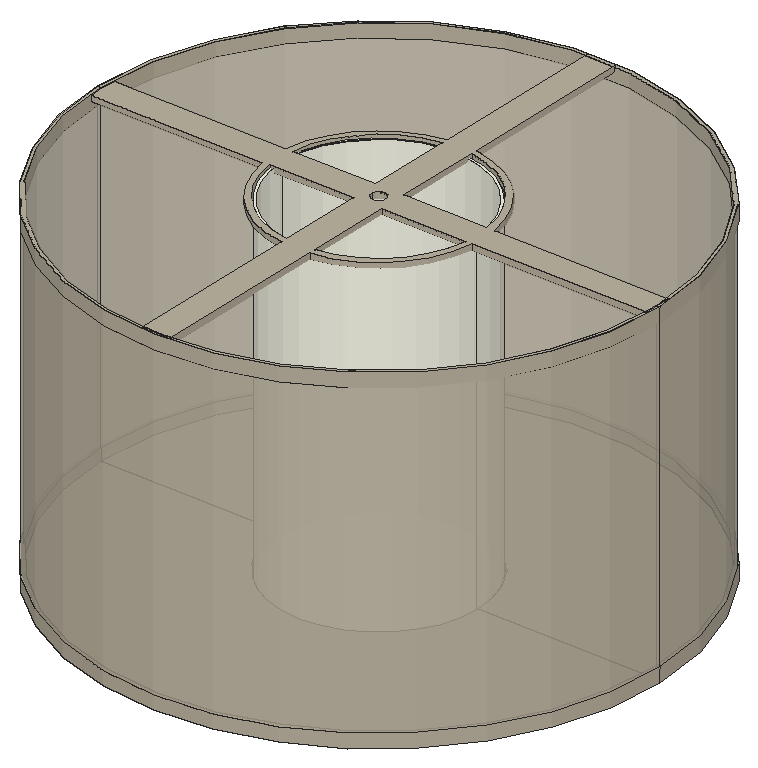
Revit family "PD2012", category Lighting Fixtures, Revit 2024
Family settings
  Round Connector Dimension = Use Diameter
  Part Type = Normal
  OmniClass Number = 23.80.70.00
  OmniClass Title = Lighting
  Work Plane-Based = No
  Always vertical = Yes
  Cut with Voids When Loaded = No
  Light Source = No
  Maintain Annotation Orientation = No
  Shared = No
  Room Calculation Point = No
Parameters
  Default Elevation = 0' - 0"
Reference planes (in)
  plane 1 "Light Source Axis (F/B)": y = 0
  plane 2: z = 0
  plane 3 "Light Source Axis (L/R)": x = 0
  plane 4 "Light Source Elevation": z = 54
Forms (in)
  Sweep 1, solid, material "FC", not visible
    path origin (75.968, 0, 0.00093) x (1, 0, 0) y (0, 0, 1)
      loop
        arc (-4.5864, 68.3252) -> (-8.91952, 61.72019) -> (-10.59309, 54) r 21.63816
    profile origin (67.04848, 0, 61.72112) x (0.922209, 0, -0.386691) y (0, -1, 0)
      loop
        circle (0, 0) r 0.03125
  Extrusion 2, solid, material "61", not visible
    sketch origin (21.22004, 0.07031, 3.70715) x (1, 0, 0) y (0, 1, 0)
      loop
        arc (0.70087, 4.42509) -> (0.0002, 4.48026) -> (-0.70003, 4.41981) r 4.27232
        line (-0.70003, 4.41981) -> (-0.65367, 4.12712)
        arc (-0.65367, 4.12712) -> (0, 4.17857) -> (0.65367, 4.12712) r 4.17857
        line (0.65367, 4.12712) -> (0.70087, 4.42509)
    from 66 to 73.80732
  Revolve 3, solid, material "22P "MESH""
    sketch origin (0, 0, 0) x (1, 0, 0) y (0, 0, 1)
      loop
        line (10, 66) -> (9.90625, 66) -> (9.90625, 65.5) -> (9.90625, 54) -> (10, 54) -> (10, 65.5) -> (10, 66)
      axis (0, 66) -> (0, 54)
    angle from 0 to 360
  Revolve 4, solid, material "FC"
    sketch origin (0, 0, 0) x (1, 0, 0) y (0, 0, 1)
      loop
        line (3.5, 65.90625) -> (3.40625, 65.90625) -> (3.40625, 54) -> (3.5, 54) -> (3.5, 65.90625)
      axis (0, 65.90625) -> (0, 54)
    angle from 0 to 360
  Extrusion 5, solid, material "22P"
    sketch origin (0, 0, 65.5) x (1, 0, 0) y (0, 1, 0)
      loop
        arc (0.5, 9.89362) -> (0, 9.90625) -> (-0.5, 9.89362) r 9.90625
        line (-0.5, 9.89362) -> (-0.5, 3.71652)
        arc (-0.5, 3.71652) -> (-2.65165, 2.65165) -> (-3.71652, 0.5) r 3.75
        line (-3.71652, 0.5) -> (-9.89362, 0.5)
        arc (-9.89362, 0.5) -> (-9.90625, 0) -> (-9.89362, -0.5) r 9.90625
        line (-9.89362, -0.5) -> (-3.71652, -0.5)
        arc (-3.71652, -0.5) -> (-2.65165, -2.65165) -> (-0.5, -3.71652) r 3.75
        line (-0.5, -3.71652) -> (-0.5, -9.89362)
        arc (-0.5, -9.89362) -> (0, -9.90625) -> (0.5, -9.89362) r 9.90625
        line (0.5, -9.89362) -> (0.5, -3.71652)
        arc (0.5, -3.71652) -> (2.65165, -2.65165) -> (3.71652, -0.5) r 3.75
        line (3.71652, -0.5) -> (9.89362, -0.5)
        arc (9.89362, -0.5) -> (9.90625, 0) -> (9.89362, 0.5) r 9.90625
        line (9.89362, 0.5) -> (3.71652, 0.5)
        arc (3.71652, 0.5) -> (2.65165, 2.65165) -> (0.5, 3.71652) r 3.75
        line (0.5, 3.71652) -> (0.5, 9.89362)
      loop
        circle (0, 0) r 0.25
      loop
        arc (3.46024, 0.5) -> (2.49901, 2.51109) -> (0.5, 3.4972) r 3.40625
        line (0.5, 3.4972) -> (0.5, 0.5) -> (3.46024, 0.5)
      loop
        arc (-0.5, 3.48146) -> (-2.49848, 2.50331) -> (-3.4667, 0.5) r 3.40625
        line (-3.4667, 0.5) -> (-0.5, 0.5) -> (-0.5, 3.48146)
      loop
        arc (-3.48348, -0.5) -> (-2.5093, -2.5093) -> (-0.5, -3.48348) r 3.40625
        line (-0.5, -3.48348) -> (-0.5, -0.5) -> (-3.48348, -0.5)
      loop
        arc (0.5, -3.45928) -> (2.5057, -2.49604) -> (3.48881, -0.5) r 3.40625
        line (3.48881, -0.5) -> (0.5, -0.5) -> (0.5, -3.45928)
    from 0.29552 to 0.5
  Revolve 6, solid, material "22P"
    sketch origin (0, 0, 0) x (1, 0, 0) y (0, 0, 1)
      loop
        line (9.89362, 66) -> (9.89362, 65.5) -> (10.0149, 65.5) -> (10.0149, 66) -> (9.89362, 66)
      loop
        line (9.89362, 54.5) -> (9.89362, 54.09375) -> (3.55049, 54.09375) -> (3.55049, 54) -> (10.0149, 54) -> (10.0149, 54.5) -> (9.89362, 54.5)
      axis (0, 54) -> (0, 66)
    angle from 0 to 360
Dimensions and locks (in)
  aligned and locked: level to plane 2
